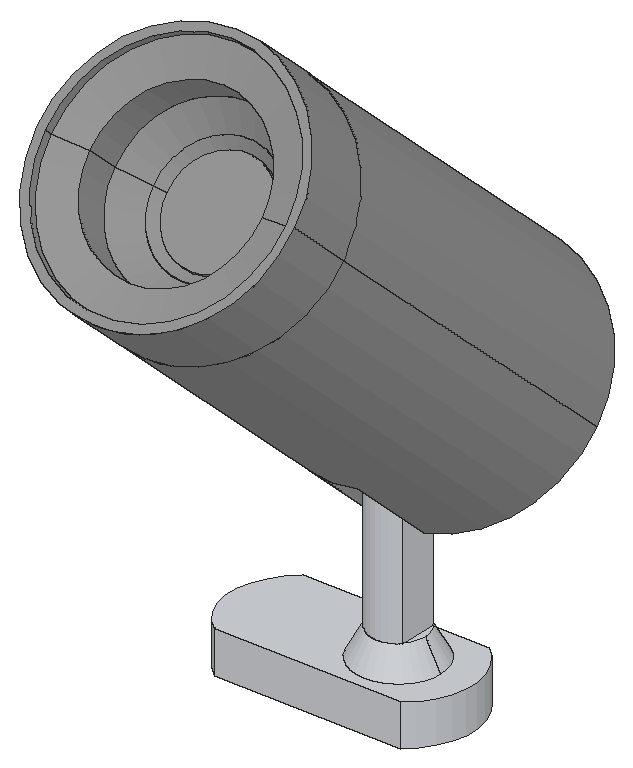
Revit family "0005534", category Generic Models, host Face, Revit 2018
Family settings
  Host = Face
  Can host rebar = No
  Round Connector Dimension = Use Diameter
  Part Type = Normal
  OmniClass Number = 23.80.70.00
  OmniClass Title = Lighting
  Cut with Voids When Loaded = No
  Shared = No
  Room Calculation Point = No
Parameters (values of type "Type Name")
  Width = 75 mm
  URL = "http://www.sylvania-lighting.com"
  Type Image = <None>
  Type Comments = "n/a"
  Material_3_SYL = none
  Model = ""
  Manufacturer = "Feilo Sylvania"
  Length = 158 mm
  Keynote = ""
  Material_2_SYL = none
  Height = 202 mm
  Description = ""
  Default Elevation = 1219.2 mm
  Cost = 0
  Material_1_SYL = none
  Assembly Code = ""
  Material_4_SYL = none
  Adaptor width = 32 mm
  Adaptor length = 70 mm
Reference planes
  plane 1 "Center (Front/Back)": y = 0
  plane 2: z = 0
  plane 3 "Center (Left/Right)": x = 0
  plane 4: y = 16
  plane 5: y = -16
  plane 6: x = -35
  plane 7: x = 35
  plane 8: z = 20
  plane 9: z = 35
  plane 10: z = 202
  plane 11: z = -30
  plane 12: z = -20
  plane 13: y = -46
  plane 14: y = 46
  plane 15: z = -31.471
  plane 16: z = -32.971
  plane 17: x = -27
  plane 18: x = 27
  plane 19: x = 17
  plane 20: y = 37.5
  plane 21: y = -37.5
  plane 22: x = -92.589
  plane 23: x = 65.411
Forms (mm)
  Extrusion 1, solid
    sketch origin (0, 0, 0) x (1, 0, 0) y (0, 1, 0)
      loop
        line (-27, -16) -> (27, -16)
        arc (27, -16) -> (35, 0) -> (27, 16) r 20
        line (27, 16) -> (-27, 16)
        arc (-27, 16) -> (-35, 0) -> (-27, -16) r 20
    from 0 to 12
Dimensions and locks
  "Adaptor width": plane 4 to plane 5
  equal spacing: plane 4, plane 1 "Center (Front/Back)", plane 5
  "Adaptor length": plane 6 to plane 7
  equal spacing: plane 6, plane 3 "Center (Left/Right)", plane 7
  "Width": plane 20 to plane 21
  equal spacing: plane 20, plane 1 "Center (Front/Back)", plane 21
  "Length": plane 22 to plane 23
  "Height": plane 10 to host face
  aligned and locked: plane 2 to host face
  aligned and locked: level to host face
Automatic sketch dimensions
  host sketch curve to host sketch curve = 2438.4 mm  (x2)
  Extrusion 1 sketch curve to plane 5 = 0 mm
  Extrusion 1 sketch curve to plane 4 = 0 mm
  Extrusion 1 sketch curve to plane 17 = 0 mm  (x2)
  plane 1 "Center (Front/Back)" to Extrusion 1 sketch curve = 0 mm
  Extrusion 1 sketch curve to plane 18 = 0 mm
  plane 17 to Extrusion 1 sketch curve = 12 mm
  Extrusion 1 sketch curve to plane 19 = 2 mm
Nested families
  nested 1: "0005534 Lenzo arm and Spot Generic Family face based" at (13.416, 0, 12), type "Type Name"
Definition of nested family "0005534 Lenzo arm and Spot Generic Family face based"
  Parameters (values of type "Type Name")
    cutout = 11.5 mm
    Width = 25 mm
    URL = "http://www.sylvania-lighting.com"
    Type Image = (empty or 0)
    Type Comments = "n/a"
    Material_3_SYL = none
    Model = ""
    Manufacturer = "Feilo Sylvania"
    Length = 25 mm
    Keynote = ""
    Material_2_SYL = none
    Description = ""
    Default Elevation = 1219.2 mm
    Cost = 0
    Material_1_SYL = none
    Assembly Code = ""
    Material_4_SYL = none
  Reference planes
    plane 1 "Center (Front/Back)": y = 0
    plane 2: z = 0
    plane 3 "Center (Left/Right)": x = 0
    plane 4: y = 12.5
    plane 5: y = -12.5
    plane 6: x = -12.5
    plane 7: x = 12.5
    plane 8: z = 55
    plane 9: y = -46
    plane 10: y = 46
    plane 11: z = 8
    plane 12: x = 8
    plane 13: x = -8
    plane 14: x = 5.75
    plane 15: x = -5.75
    plane 16: z = 47
    plane 17: z = 39
  Forms (mm)
    Extrusion 1, solid
      sketch origin (4.2, 0, 0) x (1, 0, 0) y (0, 1, 0)
        loop
          line (-1219.2, 1219.2) -> (-1219.2, -1219.2) -> (1219.2, -1219.2) -> (1219.2, 1219.2) -> (-1219.2, 1219.2)
      from 0 to -68.017
    Blend 2, solid
      base sketch origin (0, 0, 0) x (1, 0, 0) y (0, 1, 0)
        loop
          circle (0, 0) r 12.5
      top sketch origin (0, 0, 0) x (1, 0, 0) y (0, 1, 0)
        loop
          circle (0, 0) r 8
      from 0 to 8
    Extrusion 3, solid
      sketch origin (0, 0, 0) x (1, 0, 0) y (0, 1, 0)
        loop
          circle (0, 0) r 8
      from 0 to 47
    Extrusion 4, void
      sketch origin (1524, -324.9, 1219.2) x (1, 0, 0) y (0, 0, 1)
        loop
          line (-1529.75, -1172.2) -> (-1538.187, -1172.2) -> (-1538.187, -1219.2) -> (-1529.75, -1219.2) -> (-1529.75, -1172.2)
      from -331.966 to -316.181
    Extrusion 5, void
      sketch origin (1542.25, -324.9, 1219.2) x (1, 0, 0) y (0, 0, 1)
        loop
          line (-1529.75, -1172.2) -> (-1536.5, -1172.2) -> (-1536.5, -1219.2) -> (-1529.75, -1219.2) -> (-1529.75, -1172.2)
      from -331.966 to -316.181
    Revolve 6, solid
      sketch origin (-1547.657, 3.925, 1218.875) x (-1, 0, 0) y (0, 0, 1)
        loop
          line (-1530.908, -1172.2) -> (-1564.772, -1172.2) -> (-1564.772, -1180.2) -> (-1530.908, -1180.2) -> (-1530.908, -1172.2)
        axis (-1530.908, -1180.2) -> (-1564.772, -1180.2)
      angle from -87.355 to -42.355
  Cuts and joins
    Extrusion 4, Extrusion 5 cuts Extrusion 3
  Dimensions and locks
    "Width": plane 4 to plane 5
    equal spacing: plane 4, plane 1 "Center (Front/Back)", plane 5
    "Length": plane 6 to plane 7
    equal spacing: plane 6, plane 3 "Center (Left/Right)", plane 7
    "cutout": plane 15 to plane 14
    equal spacing: plane 15, plane 3 "Center (Left/Right)", plane 14
    aligned and locked: plane 2 to Extrusion 1
    aligned and locked: level to Extrusion 1
  Automatic sketch dimensions
    Extrusion 1 sketch curve to Extrusion 1 sketch curve = 2438.4 mm  (x2)
    plane 1 "Center (Front/Back)" to Blend 2 sketch curve = 0 mm  (x2)
    Blend 2 sketch curve to plane 3 "Center (Left/Right)" = 0 mm  (x2)
    plane 1 "Center (Front/Back)" to Extrusion 3 sketch curve = 0 mm
    Extrusion 3 sketch curve to plane 3 "Center (Left/Right)" = 0 mm
    Extrusion 4 sketch curve to level = 0 mm
    plane 15 to Extrusion 4 sketch curve = 0 mm
    Extrusion 4 sketch curve to plane 6 = 1.687 mm
    Extrusion 4 sketch curve to plane 8 = 8 mm
    Extrusion 5 sketch curve to level = 0 mm
    Extrusion 5 sketch curve to plane 7 = 0 mm
    plane 14 to Extrusion 5 sketch curve = 0 mm
    Extrusion 5 sketch curve to plane 8 = 8 mm
    Revolve 6 sketch curve to plane 17 = 0.325 mm  (x2)
    plane 3 "Center (Left/Right)" to Revolve 6 sketch curve = 17.114 mm
    plane 13 to Revolve 6 sketch curve = 8.749 mm
    Revolve 6 sketch curve to plane 16 = 0.325 mm
    plane 12 to Revolve 6 sketch curve = 6.556 mm
    Revolve 6 sketch curve to plane 6 = 26.056 mm
    radius of Blend 2 sketch curve = 12.5 mm
    radius of Blend 2 sketch curve = 8 mm
    radius of Extrusion 3 sketch curve = 8 mm
  Nested families
    nested 1: "0005534 Lenzo Spotlight Family face based" at (0, 25.144, 61.949) x (1, 0, 0) z (0, -0.739, 0.6737), type "0005534 LENZO LARGE 30W 940 ON BOARD DIM BLACK"
      with WarrantyStartDate "n/a", SerialNumber "n/a", InstallationDate "n/a", built-in parameter 1114216 (empty or 0), BarCode "n/a", AssetIdentifier "n/a"
  Definition of nested family "0005534 Lenzo Spotlight Family face based"
    Parameters (values of type "0005534 LENZO LARGE 30W 940 ON BOARD DIM BLACK")
      Weight = "n/a"
      Wattage Comments = ""
      Wattage = 9.2903 W
      WarrantyStartDate [instance] = "n/a"
      WarrantyGuarantorParts = "n/a"
      WarrantyDurationUnit = "n/a"
      WarrantyDurationParts = ""
      WarrantyDescription = "http://www.sylvania-lighting.com"
      built-in parameter 1150110 = 1 (stored number, unit not read)
      Voltage = 0 V
      URL = "0.9"
      TypeName = "Lenzo Large 30W 940 On Board Dim Black"
      Type Image = (empty or 0)
      Type Comments = "n/a"
      built-in parameter 1114217 = 1 (stored number, unit not read)
      Tilt Angle = -90.00°
      built-in parameter 1150109 = 1 (stored number, unit not read)
      built-in parameter 1150134 = 3
      built-in parameter 1150113 = 1 (stored number, unit not read)
      SerialNumber [instance] = "n/a"
      Photometric Web File = "0005534-WB.IES"
      Material_3_SYL = none
      PowerFactor = 0
      PowerConsumption = "Lighting"
      NominalLength = 75 mm
      NominalHeight = 45 mm
      NominalDepth = 75 mm
      Name = "Lenzo Large 30W 940 On Board Dim Black"
      ModelReference = Name  # "Lenzo Large 30W 940 On Board Dim Black"
      ModelNumber = "0005534"
      Model = Name  # "Lenzo Large 30W 940 On Board Dim Black"
      Material = "Feilo Sylvania"
      ManufacturerName = "75 lm/W"
      Manufacturer = ""
      LuminousEfficacy = ""
      built-in parameter 1150105 = 109.82 (stored number, unit not read)
      Lumens = 1380 lm
      LuminaireType = "0"
      built-in parameter 1150115 = 1 (stored number, unit not read)
      LightOutputRatio = "LED"
      built-in parameter 1150137 = (empty or 0)
      built-in parameter 1150139 = (empty or 0)
      LampsType = Lamp  # "n/a"
      LampNominalLuminous = "4000 K"
      LampMacAdamStep = "90"
      LampColourTemperature = "LED"
      LampColourRenderingIndex = "16500"
      built-in parameter 1150112 = 1 (stored number, unit not read)
      built-in parameter 1150114 = 1 (stored number, unit not read)
      Lamp = "n/a"
      Keynote = "n/a"
      InstallationDate [instance] = "n/a"
      InputVoltage = "0"
      InputNominalFrequency = "4000"
      built-in parameter 1150132 = (empty or 0)
      built-in parameter 1150102 = (empty or 0)
      built-in parameter 1150107 = 3200 (stored number, unit not read)
      built-in parameter 1150138 = (empty or 0)
      IngressProtection = "IfcLightFixtureType"
      ImpactProtectionIndex = "IfcLightFixtureType"
      built-in parameter 1150106 = 1.0982 (stored number, unit not read)
      IfcExportType = "IfcLightFixtureType"
      IfcExportAs = "Class I"
      Emit from Circle Diameter = 609.6 mm
      Emit Shape Visible in Rendering = no
      ElectricShockClassification = "75"
      built-in parameter 1150104 = 13.8 (stored number, unit not read)
      DocumentationLiterature = "http://www.sylvania-lighting.com/product/en-int/products/0005534"
      DimmingControlOptions = "n/a"
      Material_2_SYL = none
      Dimming Lamp Color Temperature Shift = (empty or 0)
      Description = "The new generation of Lenzo improves the Sylvania track spot range with a simple and slick integral design fixture, with no driver box and no visible screws. Simple and integral design (diameter Ø75mm). Die cast aluminium body, passive cooling heat sink. Adjustable beam angle 18° - 50° Textured Black - RAL 9005. Light color temperature: 4000K, neutral white, total system power: 30W. Total fixture output: 2250lm, efficacy: 75lm/W, Ra90 typical, LED chromacity: 3 step MacAdam ellipse (SDCM3), IR/UV free light source without heat radiation, operating voltage: 220-240V / 50-60Hz. On Board dimming driver, ultra low flicker rate, power factor: >0.90, electrical protection: Class I. Degree of protection: IP20, suitable for indoor environment only. Suitable for 3-circuit tracks, horizontal rotation: 345°, vertical tilt: 90°. Dimensions: Ø75x221mm, weight: 0.72Kg."
      Default Elevation = 1219.2 mm
      CreatedOn = "03/04/2023"
      CreatedBy = "@sylvania-lighting.com"
      Cost = 0
      Color Filter = 16777215
      built-in parameter 1114216 [instance] = (empty or 0)
      ClassificationValue = "EF_70_80"
      ClassificationName = "Uniclass2015"
      Material_1_SYL = none
      BarCode [instance] = "n/a"
      built-in parameter 1114218 = 1 (stored number, unit not read)
      built-in parameter 1150133 = 10 (stored number, unit not read)
      AssetType = "Fixed"
      AssetIdentifier [instance] = "n/a"
      Assembly Code = "D5020200"
      Apparent Load = 30 VA
      Material_4_SYL = none
    Reference planes
      plane 1 "Center (Front/Back)": y = 0
      plane 2: z = 0
      plane 3 "Center (Left/Right)": x = 0
      plane 4: x = -37.5
      plane 5: x = 37.5
      plane 6: y = 37.5
      plane 7: y = -37.5
      plane 8: z = 45
      plane 9: y = -21.5
      plane 10: x = -7
      plane 11: x = 7
    Forms (mm)
      Extrusion 1, solid
        sketch origin (4.2, 0, 0) x (1, 0, 0) y (0, 1, 0)
          loop
            line (-1219.2, 1219.2) -> (-1219.2, -1219.2) -> (1219.2, -1219.2) -> (1219.2, 1219.2) -> (-1219.2, 1219.2)
        from 0 to -68.017
      Extrusion 2, solid
        sketch origin (0, 0, 0) x (1, 0, 0) y (0, 1, 0)
          loop
            circle (0.015, 0.002) r 37.498
        from 0 to 124
      Extrusion 3, solid
        sketch origin (0, 0, 0) x (1, 0, 0) y (0, 1, 0)
          loop
            circle (0, 0) r 37.5
        from 124 to 148
      Extrusion 4, void
        sketch origin (0, 0, 0) x (1, 0, 0) y (0, 1, 0)
          loop
            line (-7, -21.5) -> (-7, -37.5) -> (7, -37.5) -> (7, -21.5) -> (-7, -21.5)
        from 0 to 32
      Extrusion 5, void
        sketch origin (0, 0, 0) x (1, 0, 0) y (0, 1, 0)
          loop
            circle (0, 0) r 35
        from 148 to 145.5
      Blend 6, void
        base sketch origin (0, 0, 0) x (1, 0, 0) y (0, 1, 0)
          loop
            circle (0, 0) r 35
        top sketch origin (0, 0, 0) x (1, 0, 0) y (0, 1, 0)
          loop
            circle (0, 0) r 25
        from 145.5 to 143
      Extrusion 7, void
        sketch origin (0, 0, 0) x (1, 0, 0) y (0, 1, 0)
          loop
            circle (0, 0) r 25
        from 143 to 131
      Blend 8, void
        base sketch origin (0, 0, 0) x (1, 0, 0) y (0, 1, 0)
          loop
            circle (0, 0) r 25
        top sketch origin (0, 0, 0) x (1, 0, 0) y (0, 1, 0)
          loop
            circle (0, 0) r 15
        from 131 to 121
      Extrusion 9, solid, detail levels fine
        sketch origin (0, 0, 0) x (1, 0, 0) y (0, 1, 0)
          loop
            circle (0, 0) r 15
        from 121 to 122
    Cuts and joins
      Extrusion 4, Extrusion 5, Blend 6, Extrusion 7, Blend 8 cuts Extrusion 2
      Extrusion 5, Blend 6, Extrusion 7, Blend 8 cuts Extrusion 3
    Dimensions and locks
      "NominalLength": plane 4 to plane 5
      equal spacing: plane 4, plane 3 "Center (Left/Right)", plane 5
      "NominalDepth": plane 6 to plane 7
      equal spacing: plane 6, plane 1 "Center (Front/Back)", plane 7
      "NominalHeight": plane 8 to level
      aligned and locked: plane 2 to Extrusion 1
      aligned and locked: level to Extrusion 1
    Automatic sketch dimensions
      Extrusion 1 sketch curve to Extrusion 1 sketch curve = 2438.4 mm  (x2)
      Extrusion 2 sketch curve to plane 1 "Center (Front/Back)" = 0.002 mm
      plane 3 "Center (Left/Right)" to Extrusion 2 sketch curve = 0.015 mm
      plane 1 "Center (Front/Back)" to Extrusion 3 sketch curve = 0 mm
      Extrusion 3 sketch curve to plane 3 "Center (Left/Right)" = 0 mm
      Extrusion 4 sketch curve to plane 7 = 0 mm
      Extrusion 4 sketch curve to plane 10 = 0 mm
      Extrusion 4 sketch curve to plane 11 = 0 mm
      Extrusion 4 sketch curve to plane 9 = 0 mm
      plane 1 "Center (Front/Back)" to Extrusion 5 sketch curve = 0 mm
      Extrusion 5 sketch curve to plane 3 "Center (Left/Right)" = 0 mm
      plane 1 "Center (Front/Back)" to Blend 6 sketch curve = 0 mm  (x2)
      Blend 6 sketch curve to plane 3 "Center (Left/Right)" = 0 mm  (x2)
      plane 1 "Center (Front/Back)" to Extrusion 7 sketch curve = 0 mm
      Extrusion 7 sketch curve to plane 3 "Center (Left/Right)" = 0 mm
      plane 1 "Center (Front/Back)" to Blend 8 sketch curve = 0 mm  (x2)
      Blend 8 sketch curve to plane 3 "Center (Left/Right)" = 0 mm  (x2)
      plane 1 "Center (Front/Back)" to Extrusion 9 sketch curve = 0 mm
      Extrusion 9 sketch curve to plane 3 "Center (Left/Right)" = 0 mm
      radius of Extrusion 2 sketch curve = 37.498 mm
      radius of Extrusion 3 sketch curve = 37.5 mm
      radius of Extrusion 5 sketch curve = 35 mm
      radius of Blend 6 sketch curve = 35 mm
      radius of Blend 6 sketch curve = 25 mm
      radius of Extrusion 7 sketch curve = 25 mm
      radius of Blend 8 sketch curve = 25 mm
      radius of Blend 8 sketch curve = 15 mm
      radius of Extrusion 9 sketch curve = 15 mm
    Connectors
      electrical at (0, 0, 0), driven by "Apparent Load", driven by "PowerFactor", driven by "Voltage"
        settings: index 1, voltage 0 V, apparent load 30 VA, apparent load phase1 0 VA, apparent load phase2 0 VA, apparent load phase3 0 VA, power factor 0, load classification none, number of poles 1, system type 30, power factor state 1, is connector primary yes, connector utility no, sub classification motor no, connector description ""
